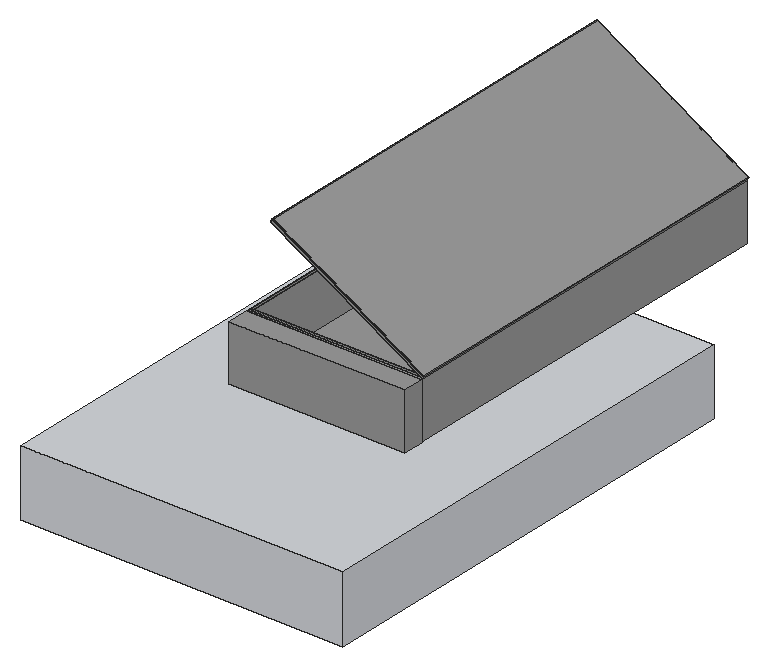
Revit family "Hager-Univers-IP55-D275-H1950-Cl.I-Steel_encl-PT-pt", category Equipement électrique, Revit 2020
Family settings
  Hôte = Face
  Configuration du panneau = Deux colonnes, circuits au sein
  Cote de connecteur circulaire = Utiliser le diamètre
  Type d'élément = Tableau de raccordement
  Couper avec des vides une fois chargée = Non
  Partagée = Non
  Point de calcul de pièce = Non
Parameters (values of type "Instalação de piso IP55 L800 A1950 P275  - FR23E1")
  Width Control [instance] = if([EF000008 - Largura] > Min Width, [EF000008 - Largura], Min Width)  # 800 mm
  Commentaires du type = [HG000003 - Gama]  # "Univers"
  Thickness Door [instance] = if([EF009171 - Espessura do material da porta/tampa] > 3 mm, 3 mm, [EF009171 - Espessura do material da porta/tampa])  # 1.5 mm
  Seal Frame Offset [instance] = 17 mm  # constant formula
  Plinth Visibility [instance] = [HG000027 - Altura da Plinta] > 0 mm  # yes
  Model = ""
  Min Width [instance] = 100 mm  # constant formula
  Min Height [instance] = 100 mm  # constant formula
  Min Depth [instance] = (2 * [EF009170 - Espessura do material do invólucro]) + 1 mm  # 4 mm
  Internal Frame Depth [instance] = (Door System Depth * 0.5)  # 9 mm
  Height Control [instance] = if([EF000040 - Altura] > Min Height, [EF000040 - Altura], Min Height)  # 1950 mm
  HG000027 - Altura da Plinta = 100 mm
  HG000026 - Instalação no chão = yes
  HG000024 - Altura da secção inferior = 800 mm
  HG000023 - Recinto de secção dupla = no
  HG000016 - Visibilidade da porta 3D [instance] = yes
  HG000015 - Visibilidade através da porta [instance] = no
  HG000014 - Porta à direita [instance] = yes
  HG000013 - Porta à esquerda [instance] = not([HG000014 - Porta à direita])  # no
  HG000012 - Ângulo de abertura de porta [instance] = 30.00°
  HG000010 - Portas assimétricas = no
  HG000009 - Porta dupla = no
  HG000006 - Encastrado = no
  HG000004 - Referência do Fabricante = "FR23E1"
  HG000003 - Gama = "Univers"
  HG000002 - Com porta ou tampa = yes
  Frame Offset Bottom [instance] = 10 mm  # constant formula
  Frame Offset [instance] = 15 mm  # constant formula
  EF015940 - Tampa com libertação de sobrepressão = no
  EF011959 - Grau de proteção (NEMA) = ""
  EF009554 - Número de aberturas para placas de flange = 6
  Fabricant = "Hager"  # constant formula
  EF009212 - Tipo de tampa = "EV000116 - Fechado"
  EF009171 - Espessura do material da porta/tampa = 1.5 mm
  EF009170 - Espessura do material do invólucro = 1.5 mm
  EF008873 - Corrente nominal (In) = 800 A
  EF007800 - Adequado para proteção contra raios = no
  EF006306 - Com fecho = no
  EF006244 - Tampa/porta transparente = no
  EF005474 - Grau de proteção (IP) = "EV006420 - IP55"
  EF004464 - Tipo de porta = "EV002646 - Único"
  EF004427 - Número de módulos = 432
  EF004293 - Força de impacto = "EV008784 - IK10"
  EF003532 - Adequado para uso no exterior = no
  EF002950 - Largura em número de módulos = 24
  EF001613 - Integridade do circuito = "EV000494 - Nenhum"
  EF001596 - Material do corpo = "EV000179 - Aço"
  EF001131 - Profundidade interior = 275 mm
  EF001088 - Extensão possível = yes
  EF000437 - Número de entradas de condutores = 6
  EF000339 - Tipo de difusor = "EV004216 - Porta"
  EF000266 - Número de linhas = 12
  EF000218 - Profundidade incorporada = 0 mm
  EF000118 - Com tampa de montagem = no
  EF000116 - Número RAL = "7035"
  EF000049 - Profundidade = 275 mm
  EF000040 - Altura = 1950 mm
  EF000008 - Largura = 800 mm
  EF000007 - Cor = "EV000270 - Cinzento"
  EF000003 - Método de montagem = "EV012274 - Instalação de piso"
  Door System Leaf Tolerance [instance] = 1.5 mm  # constant formula
  Door System Depth [instance] = 18 mm  # constant formula
  Door Height [instance] = Height Control - [HG000027 - Altura da Plinta]  # 1850 mm
  Depth Control [instance] = if([EF000049 - Profundidade] > Min Depth, [EF000049 - Profundidade], Min Depth)  # 275 mm
  Default Elevation = 0 mm
  Connector Offset [instance] = Height Control / 2  # 975 mm
  Bottom Top Plate Trim [instance] = 1.5 mm  # constant formula
  Plinth height Ctrl [instance] = if([HG000027 - Altura da Plinta] > 0 mm, [HG000027 - Altura da Plinta], 12 mm)  # 100 mm
Types (4, lengths in mm): name | Width Control | HG000010 - Portas assimétricas | HG000009 - Porta dupla | HG000004 - Referência do Fabricante | EF009554 - Número de aberturas para placas de flange | EF004464 - Tipo de porta | EF004427 - Número de módulos | EF000437 - Número de entradas de condutores | EF000008 - Largura
  Instalação de piso IP55 L1050 A1950 P275  - FR24E1 | 1050 | yes | yes | "FR24E1" | 8 | "EV003602 - Duplo" | 576 | 8 | 1050
  Instalação de piso IP55 L1300 A1950 P275  - FR25E1 | 1300 | yes | yes | "FR25E1" | 10 | "EV003602 - Duplo" | 720 | 10 | 1300
  Instalação de piso IP55 L1550 A1950 P275  - FR26E1 | 1550 | yes | yes | "FR26E1" | 12 | "EV003602 - Duplo" | 864 | 12 | 1550
  Instalação de piso IP55 L800 A1950 P275  - FR23E1 | 800 | no | no | "FR23E1" | 6 | "EV002646 - Único" | 432 | 6 | 800
Reference planes
  plane 1 "Center (Front/Back)": y = 0
  plane 2: z = 0
  plane 3 "Center (Left/Right)": x = 0
  plane 4: z = 275
  plane 5: y = 101.5
  plane 6: y = 1025
  plane 7: y = 100
  plane 8: y = 1950
  plane 9: z = 0
  plane 10: x = -385
  plane 11: x = 385
  plane 12: x = 383.5
  plane 13: x = -383.5
  plane 14: y = 1948.5
  plane 15: x = -383
  plane 16: x = -400
  plane 17: x = 383
  plane 18: x = 400
  plane 19: x = 398.5
  plane 20: x = -398.5
  plane 21: y = 111.5
  plane 22: y = 1950
  plane 23: y = 1933.5
  plane 24: z = 257
  plane 25: z = 1.5
  plane 26: z = 255.5
  plane 27: z = 273.5
Forms (mm)
  Extrusion 1, solid
    sketch origin (0, 0, 0) x (1, 0, 0) y (0, 1, 0)
      loop
        line (-702.964, 1305) -> (-702.964, -811.445) -> (766.763, -811.445) -> (766.763, 1305) -> (-702.964, 1305)
    from 0 to -304.8
  Extrusion 2, solid, material "Hager_Steel_RAL7035_Light_Grey", visible <- "Plinth Visibility", detail levels medium+fine
    sketch origin (0, 0, 0) x (1, 0, 0) y (0, 1, 0)
      loop
        line (-400, 0) -> (400, 0) -> (400, 100) -> (-400, 100) -> (-400, 0)
    from 0 to 257
  Extrusion 3, solid, material "Hager_Steel_RAL7035_Light_Grey", detail levels medium+fine
    sketch origin (0, 0, 0) x (1, 0, 0) y (0, 1, 0)
      loop
        line (-400, 100) -> (400, 100) -> (400, 1950) -> (-400, 1950) -> (-400, 100)
    from 0 to 257
  Extrusion 4, void
    sketch origin (0, 0, 0) x (1, 0, 0) y (0, 1, 0)
      loop
        line (-398.5, 101.5) -> (398.5, 101.5) -> (398.5, 1948.5) -> (-398.5, 1948.5) -> (-398.5, 101.5)
    from 1.5 to 255.5
  Extrusion 5, void
    sketch origin (-381.607, -4572, 257) x (0, -1, 0) y (-1, 0, 0)
      loop
        line (-4683.5, 1.893) -> (-6505.5, 1.893) -> (-6505.5, -765.107) -> (-4683.5, -765.107) -> (-4683.5, 1.893)
    from 0 to 1.5 <- "EF009170 - Espessura do material do invólucro"
  Extrusion 6, solid, material "Hager_Steel_RAL7035_Light_Grey", detail levels fine
    sketch origin (0, 0, 257) x (1, 0, 0) y (0, 1, 0)
      loop
        line (-383.5, 1933.5) -> (-383.5, 111.5) -> (383.5, 111.5) -> (383.5, 1933.5) -> (-383.5, 1933.5)
      loop
        line (-385, 110) -> (385, 110) -> (385, 1935) -> (-385, 1935) -> (-385, 110)
    from 0 to 9 <- "Internal Frame Depth"
  Extrusion 7, solid, material "Hager_Steel_RAL7035_Light_Grey", detail levels coarse
    sketch origin (0, 0, 0) x (1, 0, 0) y (0, 1, 0)
      loop
        line (-400, 0) -> (400, 0) -> (400, 1950) -> (-400, 1950) -> (-400, 0)
    from 0 to 275
  Sweep 8, void
    path in 3D
      loop
        line (-400, 100, 0) -> (400, 100, 0) -> (400, 100, 257) -> (-400, 100, 257) -> (-400, 100, 0)
    profile origin (-400, 100, 128.5) x (-1, 0, 0) y (0, -1, 0)
      loop
        line (0, 0) -> (0, 1.5) -> (-1.5, 1.5)
        arc (-1.5, 1.5) -> (-1.061, 0.439) -> (0, 0) r 1.5
Cuts and joins
  Extrusion 4, Extrusion 5 cuts Extrusion 3
  Sweep 8 cuts Extrusion 2
Lines and regions (mm)
  Masking region 1
    outline origin (0, 0, 0) x (1, 0, 0) y (0, 0, 1)
      loop
        line (-400, 275) -> (-400, 0) -> (400, 0) -> (400, 275) -> (-400, 275)
  Masking region 2, detail levels medium+fine
    outline origin (0, 140, 0) x (0, 1, 0) y (0, 0, 1)
      loop
        line (-40, 0) -> (1810, 0) -> (1810, 257) -> (-40, 257) -> (-40, 0)
  Masking region 3, not visible, detail levels medium+fine
    outline origin (0, 297.922, 0) x (0, 1, 0) y (0, 0, 1)
      loop
        line (738.578, 0) -> (778.578, 0) -> (778.578, 263.5)
        arc (778.578, 263.5) -> (775.649, 270.571) -> (768.578, 273.5) r 10
        line (768.578, 273.5) -> (738.578, 273.5) -> (738.578, 0)
  Masking region 4, detail levels coarse
    outline origin (0, 0, 180) x (0, 1, 0) y (0, 0, 1)
      loop
        line (0, -180) -> (1950, -180) -> (1950, 95) -> (0, 95) -> (0, -180)
  Masking region 5, visible <- "Plinth Visibility", detail levels medium+fine
    outline origin (0, 52.24, 12.345) x (0, 0, -1) y (0, 1, 0)
      loop
        line (10.845, 47.76) -> (-243.155, 47.76)
        arc (-243.155, 47.76) -> (-243.594, 46.699) -> (-244.655, 46.26) r 1.5
        line (-244.655, 46.26) -> (-244.655, -52.24) -> (12.345, -52.24) -> (12.345, 46.26)
        arc (12.345, 46.26) -> (11.285, 46.699) -> (10.845, 47.76) r 1.5
  Masking region 6, detail levels medium+fine
    outline origin (-381.607, -4572, 257) x (-1, 0, 0) y (0, -1, 0)
      loop
        line (18.393, -6522) -> (18.393, -4672) -> (-781.607, -4672) -> (-781.607, -6522) -> (18.393, -6522)
  Masking region 7, visible <- "Plinth Visibility", detail levels medium+fine
    outline origin (-381.607, -4727, 257) x (-1, 0, 0) y (0, -1, 0)
      loop
        arc (16.893, -4827) -> (17.332, -4825.939) -> (18.393, -4825.5) r 1.5
        line (18.393, -4825.5) -> (18.393, -4727) -> (-781.607, -4727) -> (-781.607, -4825.5)
        arc (-781.607, -4825.5) -> (-780.546, -4825.939) -> (-780.107, -4827) r 1.5
        line (-780.107, -4827) -> (16.893, -4827)
  Masking region 8, detail levels coarse
    outline origin (-442.548, -4669.526, 257) x (-1, 0, 0) y (0, -1, 0)
      loop
        line (-42.548, -6619.526) -> (-42.548, -4669.526) -> (-842.548, -4669.526) -> (-842.548, -6619.526) -> (-42.548, -6619.526)
  sketch lines
    curve 1: line (-400, 100, 257) -> (-400, 100, 0)
    curve 2: line (400, 100, 257) -> (-400, 100, 257)
    curve 3: line (400, 100, 257) -> (400, 100, 0)
    curve 4: line (-400, 100, 0) -> (400, 100, 0)
Dimensions and locks
  "Depth Control": plane 4 to Extrusion 1
  "HG000027 - Altura da Plinta": plane 1 "Center (Front/Back)" to plane 7
  "EF009170 - Espessura do material do invólucro": plane 5 to plane 7
  locked: connector elem to plane 3 "Center (Left/Right)"
  equal spacing: plane 8, plane 6, plane 7
  locked: connector elem to plane 6
  "EF009170 - Espessura do material do invólucro": plane 8 to plane 14
  "EF009170 - Espessura do material do invólucro": plane 10 to plane 13
  "EF009170 - Espessura do material do invólucro": plane 12 to plane 11
  "Frame Offset": plane 20 to plane 13
  "Frame Offset": plane 12 to plane 19
  "EF009170 - Espessura do material do invólucro": plane 16 to plane 20
  "EF009170 - Espessura do material do invólucro": plane 19 to plane 18
  "Seal Frame Offset": plane 16 to plane 15
  "Seal Frame Offset": plane 17 to plane 18
  "Frame Offset Bottom": plane 21 to plane 5
  "Frame Offset": plane 14 to plane 23
  equal spacing: plane 16, plane 3 "Center (Left/Right)", plane 18
  "Width Control": plane 16 to plane 18
  "EF009170 - Espessura do material do invólucro": plane 4 to plane 27
  "EF009170 - Espessura do material do invólucro": plane 24 to plane 26
  "EF009170 - Espessura do material do invólucro": plane 25 to level
  "Door System Depth": plane 4 to plane 24
  "Height Control": plane 1 "Center (Front/Back)" to Extrusion 7 sketch curve
  "Height Control": Masking region 4 sketch curve to plane 1 "Center (Front/Back)"
  "Height Control": plane 1 "Center (Front/Back)" to plane 22
  "Bottom Top Plate Trim": profile plane to Sweep 8 sketch curve
  "Bottom Top Plate Trim": Sweep 8 sketch curve to profile plane
  "Plinth height Ctrl": plane 1 "Center (Front/Back)" to Extrusion 2 sketch curve
  "Plinth height Ctrl": Masking region 5 sketch curve to plane 1 "Center (Front/Back)"
  "Plinth height Ctrl": plane 1 "Center (Front/Back)" to Masking region 7 sketch curve
  "Thickness Door": Extrusion 6 sketch curve to Extrusion 6 sketch curve  (x3)
  "Thickness Door": cut or joined group of Extrusion 3, Extrusion 4, Extrusion 5 to Extrusion 6 sketch curve
  radius of Masking region 3 sketch curve = 10 mm
  "Bottom Top Plate Trim": radius of Masking region 5 sketch curve  (x2)
  "Bottom Top Plate Trim": radius of Sweep 8 sketch curve
  "Bottom Top Plate Trim": radius of Masking region 7 sketch curve  (x2)
  aligned and locked: plane 2 to Extrusion 1
  aligned and locked: level to Extrusion 1
  aligned and locked: level to Masking region 1 sketch curve
  aligned and locked: Masking region 1 sketch curve to plane 18
  aligned and locked: Masking region 1 sketch curve to plane 16
  aligned and locked: plane 7 to Masking region 2 sketch curve
  aligned and locked: level to Masking region 3 sketch curve
  aligned and locked: Masking region 3 sketch curve to plane 27
  aligned and locked: level to Masking region 2 sketch curve
  aligned and locked: plane 1 "Center (Front/Back)" to Extrusion 2 sketch curve
  aligned and locked: Extrusion 3 sketch curve to plane 7
  aligned and locked: plane 16 to Extrusion 3 sketch curve
  aligned and locked: plane 18 to Extrusion 3 sketch curve
  aligned and locked: plane 20 to Extrusion 4 sketch curve
  aligned and locked: plane 19 to Extrusion 4 sketch curve
  aligned and locked: Extrusion 4 sketch curve to plane 5
  aligned and locked: Extrusion 4 to plane 25
  aligned and locked: plane 26 to Extrusion 4
  aligned and locked: plane 24 to Extrusion 3
  aligned and locked: Extrusion 5 sketch curve to plane 21
  aligned and locked: Extrusion 5 sketch curve to plane 13
  aligned and locked: Extrusion 5 sketch curve to plane 12
  aligned and locked: plane 18 to Extrusion 7 sketch curve
  aligned and locked: plane 1 "Center (Front/Back)" to Extrusion 7 sketch curve
  aligned and locked: plane 16 to Extrusion 7 sketch curve
  aligned and locked: plane 4 to Extrusion 7
  aligned and locked: Extrusion 7 to level
  aligned and locked: level to Masking region 4 sketch curve
  aligned and locked: Masking region 4 sketch curve to plane 1 "Center (Front/Back)"
  aligned and locked: Masking region 4 sketch curve to plane 4
  aligned and locked: nested 1 to level
  aligned and locked: nested 1 to plane 16
  aligned and locked: plane 8 to Extrusion 3 sketch curve
  aligned and locked: plane 23 to Extrusion 5 sketch curve
  aligned and locked: plane 14 to Extrusion 4 sketch curve
  aligned and locked: Masking region 2 sketch curve to plane 8
  aligned and locked: level to Masking region 5 sketch curve
  aligned and locked: plane 16 to Extrusion 2 sketch curve
  aligned and locked: plane 18 to Extrusion 2 sketch curve
  aligned and locked: Masking region 5 sketch curve to plane 24
  aligned and locked: Masking region 2 sketch curve to plane 24
  aligned and locked: plane 24 to Extrusion 2
  aligned and locked: profile plane to Sweep 8 sketch curve  (x2)
  aligned and locked: Masking region 6 sketch curve to plane 18
  aligned and locked: Masking region 6 sketch curve to plane 22
  aligned and locked: Masking region 6 sketch curve to plane 16
  aligned and locked: plane 8 to plane 22
  aligned and locked: Masking region 6 sketch curve to plane 7
  aligned and locked: Masking region 7 sketch curve to plane 16
  aligned and locked: Masking region 7 sketch curve to plane 1 "Center (Front/Back)"
  aligned and locked: Masking region 7 sketch curve to plane 18
  aligned and locked: Masking region 8 sketch curve to plane 1 "Center (Front/Back)"
  aligned and locked: Masking region 8 sketch curve to plane 18
  aligned and locked: Masking region 8 sketch curve to plane 22
  aligned and locked: Masking region 8 sketch curve to plane 16
  aligned and locked: nested 2 to plane 7
  aligned and locked: plane 3 "Center (Left/Right)" to nested 2
  aligned and locked: nested 2 to plane 24
  aligned and locked: Extrusion 6 sketch curve to cut or joined group of Extrusion 3, Extrusion 4, Extrusion 5  (x4)
Automatic sketch dimensions
  Extrusion 1 sketch curve to Extrusion 1 sketch curve = 1469.727 mm
  Extrusion 1 sketch curve to Extrusion 1 sketch curve = 2116.445 mm
  Masking region 1 sketch curve to plane 4 = 0 mm
  plane 6 to Masking region 3 sketch curve = 11.5 mm
  Masking region 3 sketch curve to Masking region 3 sketch curve = 30 mm
  Masking region 5 sketch curve to plane 1 "Center (Front/Back)" = 0 mm
Nested families
  nested 1: "Hager_Enclosure_Symbol" at (-400, 0, 0) x (1, 0, 0) z (0, -1, 0), Height <- "Depth Control", Width <- "Width Control", type "Hager_Enclosure_Symbol"
    with Width_Ctrl 800 mm, Width 800 mm, Height_Ctrl 275 mm, Height 275 mm, A_Width_Int 18.047 mm, A_Width 216.562 mm, A_Height_Ctrl 240.625 mm, A_Height 240.625 mm
  nested 2: "EC000058_Univers_Door" at (0, 100, 257) x (1, 0, 0) z (0, 1, 0), Leaf_Tolerance <- "Door System Leaf Tolerance", Angle <- "HG000012 - Ângulo de abertura de porta", Door_Depth <- "Door System Depth", Door_Left <- "HG000013 - Porta à esquerda", Transparent <- "EF006244 - Tampa/porta transparente", Assymetrical <- "HG000010 - Portas assimétricas", Width <- "Width Control", Clearance <- "HG000015 - Visibilidade através da porta", Double <- "HG000009 - Porta dupla", 3d_Door <- "HG000016 - Visibilidade da porta 3D", Lock_Visibility <- "EF006306 - Com fecho", Width_Ctrl <- "Width Control", Door_Right <- "HG000014 - Porta à direita", Door <- "HG000002 - Com porta ou tampa", Height <- "Door Height", Thickness <- "Thickness Door", type "EC000058_Univers_Door", detail levels medium+fine
    with min_wh 4 mm, Width_Ctrl 800 mm, Width 800 mm, Transparent no, Thickness 1.5 mm, Seal_Material Hager_Rubber, Lock_Visibility no, Lock_Material Hager_Plastic_RAL9005_Jet_Black, Leaf_Width 800 mm, Leaf_Tolerance_External_Sides 0 mm, Leaf_Tolerance 1.5 mm, Leaf_Offset 0 mm, Leaf_Height 1847 mm, Leaf_2_Width 800 mm, Leaf_2_Offset 400 mm, Leaf_1_Width 800 mm, Leaf_1_Offset 400 mm, Height_Ctrl 1850 mm, Height 1850 mm, Glass_Material Hager_Glass, Double_Clearance_Ctrl no, Double no, Door_Right_Ctrl yes, Door_Right yes, Door_Material Hager_Steel_RAL7035_Light_Grey, Door_Left_Ctrl no, Door_Left no, Door_Depth 18 mm, Door yes, Clearance_Material Hager_Clearance, Clearance_Depth 800 mm, Clearance_Ctrl no, Clearance no, Assymetrical no, Angle 30.00°, 3d_Door yes
Connectors
  electrical at (0, 1025, 0)
    settings: on plane 9, index 1, voltage 0 V, apparent load 0 VA, apparent load phase1 0 VA, apparent load phase2 0 VA, apparent load phase3 0 VA, power factor 1, load classification "Other", number of poles 1, system type 30, power factor state 1, is connector primary yes, connector utility no, sub classification motor no, connector description ""
Definition of nested family "EC000058_Univers_Door"
  Parameters (values of type "EC000058_Univers_Door")
    min_wh [instance] = (2 * Thickness) + 1 mm  # 11 mm
    Width_Ctrl [instance] = 400 mm
    Width [instance] = 500 mm
    Transparent [instance] = yes
    Thickness [instance] = 5 mm
    Seal_Material [instance] = none
    Lock_Visibility [instance] = yes
    Lock_Material [instance] = none
    Leaf_Width [instance] = if((Width_Ctrl - 2 * Leaf_Tolerance_External_Sides) > 0 mm, (Width_Ctrl - 2 * Leaf_Tolerance_External_Sides), min_wh)  # 400 mm
    Leaf_Tolerance_External_Sides [instance] = 0 mm  # constant formula
    Leaf_Tolerance [instance] = 1.5 mm
    Leaf_Offset [instance] = 0 mm  # constant formula
    Leaf_Height [instance] = if((Height_Ctrl - 2 * Leaf_Tolerance) > 0 mm, (Height_Ctrl - 2 * Leaf_Tolerance), min_wh)  # 497 mm
    Leaf_2_Width [instance] = if(and(and(Double, Assymetrical), Door_Left), (Leaf_Width / 3) - (Leaf_Tolerance / 2), if(and(and(Double, Assymetrical), Door_Right), (Leaf_Width / 3) * 2 - (Leaf_Tolerance / 2), if(and(Double, not(Assymetrical)), (Leaf_Width / 2) - Leaf_Tolerance, Leaf_Width)))  # 400 mm
    Leaf_2_Offset [instance] = if(and(Double, Assymetrical), Leaf_2_Width / 2, if(and(Double, not(Assymetrical)), Leaf_Width / 4, Leaf_Width / 2))  # 200 mm
    Leaf_1_Width [instance] = if(and(and(Double, Assymetrical), Door_Right), (Leaf_Width / 3) - (Leaf_Tolerance / 2), if(and(and(Double, Assymetrical), Door_Left), (Width / 3) * 2 - (Leaf_Tolerance / 2), if(and(Double, not(Assymetrical)), (Leaf_Width / 2) - Leaf_Tolerance, Leaf_Width)))  # 400 mm
    Leaf_1_Offset [instance] = if(and(Double, Assymetrical), Leaf_1_Width / 2, if(and(Double, not(Assymetrical)), Leaf_Width / 4, Leaf_Width / 2))  # 200 mm
    Height_Ctrl [instance] = if(Height > min_wh, Height, min_wh)  # 500 mm
    Height [instance] = 500 mm
    Glass_Material [instance] = none
    Double_Clearance_Ctrl [instance] = and(Double, Clearance)  # no
    Double [instance] = no
    Door_Right_Ctrl [instance] = and(or(Door_Right, Double), Door)  # yes
    Door_Right [instance] = yes
    Door_Material [instance] = none
    Door_Left_Ctrl [instance] = and(or(Door_Left, Double), Door)  # no
    Door_Left [instance] = no
    Door_Depth [instance] = 30 mm
    Door [instance] = yes
    Default Elevation = 1219.2 mm
    Clearance_Material [instance] = none
    Clearance_Depth [instance] = if(Leaf_1_Width > Leaf_2_Width, Leaf_1_Width, Leaf_2_Width)  # 400 mm
    Clearance_Ctrl [instance] = and(not(Double), Clearance)  # yes
    Clearance [instance] = yes
    Assymetrical [instance] = yes
    Angle [instance] = 30.00°
    3d_Door [instance] = yes
  Reference planes
    plane 1 "Center (Front/Back)": y = 0
    plane 2 "Bottom": z = 0
    plane 3 "Center (Left/Right)": x = 0
    plane 4: z = 500
    plane 5: x = -200
    plane 6: x = 200
    plane 7: z = 500
    plane 8: x = -200
    plane 9: z = 0
    plane 10: x = 200
    plane 11: y = 0
    plane 12: z = 1.5
    plane 13: x = -600
    plane 14: y = -400
    plane 15: x = 600
    plane 16: x = 0
    plane 17: x = 0
    plane 18: x = -200
    plane 19: x = 200
    plane 20: z = 498.5
  Forms (mm)
    Extrusion 1, solid, material <- "Clearance_Material", visible <- "Double_Clearance_Ctrl"
      sketch origin (1200, 0, 0) x (1, 0, 0) y (0, 0, -1)
        loop
          line (-1800, -498.5) -> (-600, -498.5) -> (-600, 0) -> (-1800, 0) -> (-1800, -498.5)
      from 0 to -400
  Dimensions and locks
    equal spacing: plane 5, plane 3 "Center (Left/Right)", plane 6
    "Width_Ctrl": plane 5 to plane 6
    "Leaf_Offset": plane 5 to plane 8
    "Leaf_Offset": plane 6 to plane 10
    "Leaf_Offset": plane 9 to level
    "Leaf_Offset": plane 4 to plane 7
    "Height_Ctrl": plane 4 to level
    "Leaf_Tolerance": plane 12 to plane 9
    locked: plane 11 to plane 1 "Center (Front/Back)"
    "Leaf_1_Offset": plane 18 to plane 16
    "Leaf_2_Offset": plane 17 to plane 19
    "Leaf_1_Width": plane 13 to plane 8
    "Leaf_2_Width": plane 10 to plane 15
    "Clearance_Depth": plane 14 to plane 1 "Center (Front/Back)"
    "Leaf_Tolerance_External_Sides": plane 8 to plane 18
    "Leaf_Tolerance_External_Sides": plane 19 to plane 10
    "Leaf_Tolerance": plane 7 to plane 20
    aligned and locked: level to plane 2 "Bottom"
    aligned and locked: nested 1 to plane 16
    aligned and locked: nested 2 to plane 17
    aligned and locked: Extrusion 1 to plane 13
    aligned and locked: plane 15 to Extrusion 1
    aligned and locked: Extrusion 1 to plane 14
    aligned and locked: plane 12 to nested 1
    aligned and locked: nested 2 to plane 12
    aligned and locked: Extrusion 1 to plane 11
    aligned and locked: plane 20 to Extrusion 1
    aligned and locked: nested 2 to plane 11
    aligned and locked: nested 1 to plane 11
  Automatic sketch dimensions
    Extrusion 1 sketch curve to level = 0 mm
    plane 5 to Extrusion 1 sketch curve = 400 mm
    plane 6 to Extrusion 1 sketch curve = 400 mm
    Extrusion 1 sketch curve to plane 4 = 1.5 mm
  Nested families
    nested 1: "EC000058_Univers_Door_Leaf" at (0, 0, 1.5), Width <- "Leaf_1_Width", visible <- "Door_Left_Ctrl", Leaf_Height <- "Leaf_Height", Angle <- "Angle", 3d_Door <- "3d_Door", Transparent <- "Transparent", Clearance Material <- "Clearance_Material", Clearance <- "Clearance_Ctrl", Door_Material <- "Door_Material", Glass_Material <- "Glass_Material", Door_Depth <- "Door_Depth", Lock_Material <- "Lock_Material", Seal_Material <- "Seal_Material", Lock_Visibility <- "Lock_Visibility", Thickness <- "Thickness", type "EC000058_Univers_Door_Leaf"
      with Width 400 mm, Transparent_Glass_Offset 30 mm, Transparent_Ctrl yes, Transparent yes, Thickness 5 mm, Standard no, Seal_Material none, Seal_D2 8 mm, Seal_D1 1 mm, Offset_Internal_Frame 10 mm, Lock_Width 20 mm, Lock_Visibility_3d yes, Lock_Visibility yes, Lock_Thickness_3 3 mm, Lock_Thickness_2 1 mm, Lock_Thickness_1 3 mm, Lock_Radius_Offset_2 16 mm, Lock_Radius_Offset_1 15 mm, Lock_Radius_2 5 mm, Lock_Radius 6 mm, Lock_Offset 5 mm, Lock_Material none, Lock_Height 80 mm, Lock_Cover_Top_Offset_2d 17 mm, Lock_Cover_Height -65 mm, Leaf_Height 497 mm, Internal_Seal_Thickness 8 mm, Internal_Seal_Depth_2 4.5 mm, Internal_Frame_Depth 25 mm, Glass_Thickness -1 mm, Glass_Offset -2 mm, Glass_Material none, Door_Material none, Door_Depth 30 mm, Clearance Material none, Clearance yes, Angle_Ctrl 30.00°, Angle 30.00°, 3d_Door yes
    nested 2: "EC000058_Univers_Door_Leaf" at (0, 0, 1.5) x (-1, 0, 0) z (0, 0, 1), Width <- "Leaf_2_Width", visible <- "Door_Right_Ctrl", Leaf_Height <- "Leaf_Height", Angle <- "Angle", 3d_Door <- "3d_Door", Transparent <- "Transparent", Clearance Material <- "Clearance_Material", Clearance <- "Clearance_Ctrl", Door_Material <- "Door_Material", Glass_Material <- "Glass_Material", Door_Depth <- "Door_Depth", Lock_Material <- "Lock_Material", Seal_Material <- "Seal_Material", Lock_Visibility <- "Lock_Visibility", Thickness <- "Thickness", type "EC000058_Univers_Door_Leaf"
      with Width 400 mm, Transparent_Glass_Offset 30 mm, Transparent_Ctrl yes, Transparent yes, Thickness 5 mm, Standard no, Seal_Material none, Seal_D2 8 mm, Seal_D1 1 mm, Offset_Internal_Frame 10 mm, Lock_Width 20 mm, Lock_Visibility_3d yes, Lock_Visibility yes, Lock_Thickness_3 3 mm, Lock_Thickness_2 1 mm, Lock_Thickness_1 3 mm, Lock_Radius_Offset_2 16 mm, Lock_Radius_Offset_1 15 mm, Lock_Radius_2 5 mm, Lock_Radius 6 mm, Lock_Offset 5 mm, Lock_Material none, Lock_Height 80 mm, Lock_Cover_Top_Offset_2d 17 mm, Lock_Cover_Height -65 mm, Leaf_Height 497 mm, Internal_Seal_Thickness 8 mm, Internal_Seal_Depth_2 4.5 mm, Internal_Frame_Depth 25 mm, Glass_Thickness -1 mm, Glass_Offset -2 mm, Glass_Material none, Door_Material none, Door_Depth 30 mm, Clearance Material none, Clearance yes, Angle_Ctrl 30.00°, Angle 30.00°, 3d_Door yes
  Definition of nested family "EC000058_Univers_Door_Leaf"
    Parameters (values of type "EC000058_Univers_Door_Leaf")
      Width [instance] = 2000 mm
      Transparent_Glass_Offset [instance] = 30 mm
      Transparent_Ctrl [instance] = and(Transparent, [3d_Door])  # yes
      Transparent [instance] = yes
      Thickness [instance] = 5 mm
      Standard [instance] = and(not(Transparent), [3d_Door])  # no
      Seal_Material [instance] = none
      Seal_D2 [instance] = 8 mm  # constant formula
      Seal_D1 [instance] = 1 mm  # constant formula
      Offset_Internal_Frame [instance] = 10 mm  # constant formula
      Lock_Width [instance] = 20 mm  # constant formula
      Lock_Visibility_3d [instance] = and(Lock_Visibility, [3d_Door])  # yes
      Lock_Visibility [instance] = yes
      Lock_Thickness_3 [instance] = 3 mm  # constant formula
      Lock_Thickness_2 [instance] = 1 mm  # constant formula
      Lock_Thickness_1 [instance] = 3 mm  # constant formula
      Lock_Radius_Offset_2 [instance] = Lock_Radius_Offset_1 + 1 mm  # 16 mm
      Lock_Radius_Offset_1 [instance] = 15 mm  # constant formula
      Lock_Radius_2 [instance] = Lock_Radius - 1 mm  # 5 mm
      Lock_Radius [instance] = 6 mm  # constant formula
      Lock_Offset [instance] = 5 mm  # constant formula
      Lock_Material [instance] = none
      Lock_Height [instance] = 80 mm  # constant formula
      Lock_Cover_Top_Offset_2d [instance] = Lock_Radius_Offset_2 + 1 mm  # 17 mm
      Lock_Cover_Height [instance] = -(Lock_Height - Lock_Radius_Offset_1)  # -65 mm
      Leaf_Height [instance] = 2720.336 mm
      Internal_Seal_Thickness [instance] = 8 mm  # constant formula
      Internal_Seal_Depth_2 [instance] = 4.5 mm  # constant formula
      Internal_Frame_Depth [instance] = if(Door_Depth - Thickness > 5 mm, Door_Depth - Thickness, 5 mm)  # 25 mm
      Glass_Thickness [instance] = if(Thickness > 15 mm, Glass_Offset + 10 mm, -1 mm)  # -1 mm
      Glass_Offset [instance] = if(Thickness > 15 mm, -(Thickness + 10 mm) / 2, -2 mm)  # -2 mm
      Glass_Material [instance] = none
      Door_Material [instance] = none
      Door_Depth [instance] = 30 mm
      Default Elevation = 0 mm
      Clearance Material [instance] = none
      Clearance [instance] = yes
      Angle_Ctrl [instance] = if(Angle > 180.00°, 180.00°, Angle)  # 90.00°
      Angle [instance] = 90.00°
      3d_Door [instance] = yes
    Reference planes
      plane 1 "Center (Front/Back)": y = 0
      plane 2: z = 0
      plane 3 "Center (Left/Right)": x = 0
      plane 4: y = 2000
      plane 5: x = -1000
      plane 6: x = 1000
      plane 7: x = -3000
      plane 8: z = 2720.336
      plane 9: z = 30
      plane 10: z = 2690.336
      plane 11: x = 970
      plane 12: x = -970
      plane 13: y = -3
      plane 14: z = 107.833
      plane 15: y = -5
      plane 16: y = -223.314
      plane 17: x = -1000
      plane 18: z = 1360.168
      plane 19: y = 30
    Forms (mm)
      Extrusion 1, solid, material <- "Clearance Material", visible <- "Clearance"
        sketch origin (0, 0, 0) x (1, 0, 0) y (0, 0, 1)
          loop
            line (-3000, 2720.336) -> (-3000, 0) -> (1000, 0) -> (1000, 2720.336) -> (-3000, 2720.336)
        from 0 to -2000
      Extrusion 2, solid, material <- "Door_Material", visible <- "Standard", detail levels medium+fine
        sketch origin (-1000, 0, 0) x (0, 1, 0) y (-1, 0, 0)
          loop
            line (0, 30) -> (0, 25) -> (2000, 25) -> (2000, 30) -> (0, 30)
        from 0 to 2720.336 <- "Leaf_Height"
      Extrusion 3, solid, material <- "Door_Material", visible <- "Transparent_Ctrl", detail levels medium+fine
        sketch origin (-1000, 0, 0) x (0, 1, 0) y (-1, 0, 0)
          loop
            line (0, 25) -> (2000, 25) -> (2000, 30) -> (0, 30) -> (0, 25)
        from 0 to 2720.336 <- "Leaf_Height"
      Extrusion 4, void
        sketch origin (-1025, 2000, 0) x (0, 1, 0) y (0, 0, -1)
          loop
            line (-30, -2690.336) -> (-30, -30) -> (-1970, -30) -> (-1970, -2690.336) -> (-30, -2690.336)
        from 0 to 5 <- "Thickness"
      Sweep 5, solid, material <- "Seal_Material", visible <- "Transparent_Ctrl", detail levels fine
        path in 3D
          loop
            line (-1025, 30, 30) -> (-1025, 30, 2690.336) -> (-1025, 1970, 2690.336) -> (-1025, 1970, 30) -> (-1025, 30, 30)
        profile origin (-1025, 1000, 30) x (1, 0, 0) y (0, 0, 1)
          loop
            line (0, 0) -> (0, -8) -> (1, -8) -> (1, 0) -> (0, 0)
      Extrusion 6, solid, material <- "Glass_Material", visible <- "Transparent_Ctrl", detail levels medium+fine
        sketch origin (-1030, 0, 0) x (0, 1, 0) y (0, 0, -1)
          loop
            line (1970, -2690.336) -> (1970, -30) -> (30, -30) -> (30, -2690.336) -> (1970, -2690.336)
        from -2 <- "Glass_Offset" to -1 <- "Glass_Thickness"
      Extrusion 7, solid, material <- "Door_Material", visible <- "3d_Door", detail levels medium+fine
        sketch origin (-1025, 2000, 0) x (0, -1, 0) y (0, 0, -1)
          loop
            line (0, -2720.336) -> (2000, -2720.336) -> (2000, 0) -> (0, 0) -> (0, -2720.336)
          loop
            line (1995, -5) -> (5, -5) -> (5, -2715.336) -> (1995, -2715.336) -> (1995, -5)
        from 0 to 25 <- "Internal_Frame_Depth"
      Sweep 8, solid, material <- "Seal_Material", visible <- "Transparent_Ctrl", detail levels fine
        path in 3D
          loop
            line (-1025, 0, 0) -> (-1025, 2000, 0) -> (-1025, 2000, 2720.336) -> (-1025, 0, 2720.336) -> (-1025, 0, 0)
        profile origin (-1025, 0, 1360.168) x (1, 0, 0) y (0, 1, 0)
          loop
            line (0, 10) -> (2.975, 10)
            arc (2.975, 10) -> (4.053, 10.447) -> (4.5, 11.525) r 1.525
            line (4.5, 11.525) -> (4.5, 16.527)
            arc (4.5, 16.527) -> (4.069, 17.569) -> (3.027, 18) r 1.473
            line (3.027, 18) -> (0, 18) -> (0, 10)
      Extrusion 9, solid, material <- "Lock_Material", visible <- "Lock_Visibility_3d", detail levels fine
        sketch origin (-1030, 0, 0) x (0, 1, 0) y (0, 0, -1)
          loop
            arc (1993.5, -1400.168) -> (1994.561, -1399.729) -> (1995, -1398.668) r 1.5
            line (1995, -1398.668) -> (1995, -1320.168) -> (1975, -1320.168) -> (1975, -1398.668)
            arc (1975, -1398.668) -> (1975.439, -1399.729) -> (1976.5, -1400.168) r 1.5
            line (1976.5, -1400.168) -> (1993.5, -1400.168)
        from 3 <- "Lock_Thickness_1" to 0
      Blend 10, solid, material <- "Lock_Material", visible <- "Lock_Visibility_3d", detail levels fine
        base sketch origin (-1033, 0, 0) x (0, 1, 0) y (0, 0, -1)
          loop
            line (1975, -1320.168) -> (1975, -1398.668)
            arc (1975, -1398.668) -> (1975.439, -1399.729) -> (1976.5, -1400.168) r 1.5
            line (1976.5, -1400.168) -> (1993.5, -1400.168)
            arc (1993.5, -1400.168) -> (1994.561, -1399.729) -> (1995, -1398.668) r 1.5
            line (1995, -1398.668) -> (1995, -1320.168) -> (1975, -1320.168)
        top sketch origin (-1033, 0, 0) x (0, 1, 0) y (0, 0, -1)
          loop
            line (1976, -1320.168) -> (1976, -1398.668)
            arc (1976, -1398.668) -> (1976.146, -1399.022) -> (1976.5, -1399.168) r 0.5
            line (1976.5, -1399.168) -> (1993.5, -1399.168)
            arc (1993.5, -1399.168) -> (1993.854, -1399.022) -> (1994, -1398.668) r 0.5
            line (1994, -1398.668) -> (1994, -1320.168) -> (1976, -1320.168)
        from 0 to 1 <- "Lock_Thickness_2"
      Blend 11, solid, material <- "Lock_Material", visible <- "Lock_Visibility_3d", detail levels fine
        base sketch origin (-1034, 0, 0) x (0, 1, 0) y (0, 0, -1)
          loop
            line (1978, -1320.168) -> (1978, -1384.168)
            arc (1978, -1384.168) -> (1985, -1391.168) -> (1992, -1384.168) r 7
            line (1992, -1384.168) -> (1992, -1320.168) -> (1978, -1320.168)
        top sketch origin (-1034, 0, 0) x (0, 1, 0) y (0, 0, -1)
          loop
            line (1991, -1320.168) -> (1979, -1320.168) -> (1979, -1383.168)
            arc (1979, -1383.168) -> (1985, -1389.168) -> (1991, -1383.168) r 6
            line (1991, -1383.168) -> (1991, -1320.168)
        from 0 to 3 <- "Lock_Thickness_3"
      Extrusion 12, solid, material <- "Lock_Material", visible <- "Lock_Visibility_3d", detail levels fine
        sketch origin (-1030, 1975, 1320.168) x (1, 0, 0) y (0, -1, 0)
          loop
            line (-7, -19) -> (-7, -1) -> (0, -1) -> (0, 0) -> (-8, 0) -> (-8, -20) -> (0, -20) -> (0, -19) -> (-7, -19)
        from 0 to -65 <- "Lock_Cover_Height"
      Extrusion 13, void
        sketch origin (-1038, 1995, 1320.168) x (-1, 0, 0) y (0, 0, -1)
          loop
            line (-5, -65) -> (0, -65) -> (-5, -60) -> (-5, -65)
        from 0 to 20 <- "Lock_Width"
      Extrusion 14, void
        sketch origin (-1038, 1975, 1320.168) x (0, -1, 0) y (0, 0, -1)
          loop
            circle (-10, -15.995) r 6
          loop
            circle (-10, -15.995) r 5
        from 0 to 2
      Extrusion 15, solid, material <- "Lock_Material", visible <- "Lock_Visibility_3d", detail levels medium
        sketch origin (-1030, 0, 0) x (0, 1, 0) y (0, 0, -1)
          loop
            arc (1993.5, -1400.168) -> (1994.561, -1399.729) -> (1995, -1398.668) r 1.5
            line (1995, -1398.668) -> (1995, -1320.168) -> (1975, -1320.168) -> (1975, -1398.668)
            arc (1975, -1398.668) -> (1975.439, -1399.729) -> (1976.5, -1400.168) r 1.5
            line (1976.5, -1400.168) -> (1993.5, -1400.168)
        from 8 to 0
    Cuts and joins
      Extrusion 4 cuts Extrusion 3
      Extrusion 13, Extrusion 14 cuts Extrusion 9
      Extrusion 14 cuts Blend 11
      Extrusion 13, Extrusion 14 cuts Extrusion 12
      joined: Extrusion 9, Blend 10, Blend 11, Extrusion 12
      Extrusion 14 cuts Extrusion 15
    Lines and regions (mm)
      Masking region 1, visible <- "Lock_Visibility", detail levels fine
        outline origin (0, 0, 0) x (0, 1, 0) y (0, 0, 1)
          loop
            line (30, 1320.168) -> (33, 1320.168) -> (33, 1400.168) -> (30, 1400.168) -> (30, 1320.168)
      Masking region 2, visible <- "Lock_Visibility", detail levels fine
        outline origin (0, 3.143, 0) x (0, 1, 0) y (0, 0, 1)
          loop
            line (29.857, 1354.168) -> (30.857, 1354.168) -> (30.857, 1366.168) -> (29.857, 1366.168) -> (29.857, 1354.168)
      Masking region 3, detail levels medium+fine
        outline origin (0, 0, 0) x (0, 1, 0) y (0, 0, 1)
          loop
            line (0, 0) -> (30, 0) -> (30, 2720.336) -> (0, 2720.336) -> (0, 0)
      Masking region 4, detail levels medium+fine
        outline origin (0, 0, 0) x (1, 0, 0) y (0, 0, 1)
          loop
            line (-1000, 2720.336) -> (-1000, 0) -> (1000, 0) -> (1000, 2720.336) -> (-1000, 2720.336)
      Masking region 5, visible <- "Lock_Visibility", detail levels fine
        outline origin (-47.116, 0, 0) x (1, 0, 0) y (0, 0, 1)
          loop
            arc (1024.616, 1399.168) -> (1023.556, 1398.729) -> (1023.116, 1397.668) r 1.5
            line (1023.116, 1397.668) -> (1023.116, 1320.168) -> (1041.116, 1320.168) -> (1041.116, 1397.668)
            arc (1041.116, 1397.668) -> (1040.677, 1398.729) -> (1039.616, 1399.168) r 1.5
            line (1039.616, 1399.168) -> (1024.616, 1399.168)
      Masking region 6, visible <- "Lock_Visibility", detail levels medium+fine
        outline origin (-25, 0, 0) x (1, 0, 0) y (0, 0, 1)
          loop
            arc (1001.5, 1400.168) -> (1000.439, 1399.729) -> (1000, 1398.668) r 1.5
            line (1000, 1398.668) -> (1000, 1320.168) -> (1020, 1320.168) -> (1020, 1398.668)
            arc (1020, 1398.668) -> (1019.561, 1399.729) -> (1018.5, 1400.168) r 1.5
            line (1018.5, 1400.168) -> (1001.5, 1400.168)
      Masking region 7, visible <- "Lock_Visibility", detail levels fine
        outline origin (-73.735, 0, 0) x (1, 0, 0) y (0, 0, 1)
          loop
            line (1051.735, 1382.168) -> (1065.735, 1382.168) -> (1065.735, 1384.168)
            arc (1065.735, 1384.168) -> (1058.735, 1391.168) -> (1051.735, 1384.168) r 7
            line (1051.735, 1384.168) -> (1051.735, 1382.168)
      Masking region 8, visible <- "Lock_Visibility", detail levels fine
        outline origin (-73.735, 0, 0) x (1, 0, 0) y (0, 0, 1)
          loop
            line (1052.735, 1382.168) -> (1064.735, 1382.168) -> (1064.735, 1383.168)
            arc (1064.735, 1383.168) -> (1058.735, 1389.168) -> (1052.735, 1383.168) r 6
            line (1052.735, 1383.168) -> (1052.735, 1382.168)
      Masking region 9, visible <- "Lock_Visibility", detail levels fine
        outline origin (-25, 0, 0) x (1, 0, 0) y (0, 0, 1)
          loop
            line (1020, 1320.168) -> (1020, 1382.168) -> (1000, 1382.168) -> (1000, 1320.168) -> (1020, 1320.168)
      Masking region 10, detail levels medium+fine
        outline origin (0, 0, 0) x (1, 0, 0) y (0, 0, 1)
          loop
            circle (985, 1335.144) r 6
      Masking region 11, detail levels fine
        outline origin (0, 0, 0) x (1, 0, 0) y (0, 0, 1)
          loop
            circle (985, 1335.144) r 5
      Masking region 12, visible <- "Lock_Visibility", detail levels fine
        outline origin (0, 12.767, 0) x (0, 1, 0) y (0, 0, 1)
          loop
            line (20.233, 1320.168) -> (21.233, 1320.168) -> (21.233, 1399.168) -> (20.233, 1400.168) -> (20.233, 1320.168)
      Masking region 13, visible <- "Lock_Visibility", detail levels fine
        outline origin (0, 13.767, -10) x (0, 1, 0) y (0, 0, 1)
          loop
            line (20.233, 1330.168) -> (23.233, 1330.168) -> (23.233, 1399.168) -> (20.233, 1402.168) -> (20.233, 1330.168)
      Masking region 14, visible <- "Lock_Visibility", detail levels fine
        outline origin (0, 12.767, -10) x (0, 1, 0) y (0, 0, 1)
          loop
            line (20.233, 1330.168) -> (25.233, 1330.168) -> (25.233, 1399.305) -> (20.233, 1394.305) -> (20.233, 1330.168)
      Masking region 15, visible <- "Lock_Visibility", detail levels medium
        outline origin (0, 0, 0) x (0, 1, 0) y (0, 0, 1)
          loop
            line (30, 1320.168) -> (38, 1320.168) -> (38, 1400.168) -> (30, 1400.168) -> (30, 1320.168)
      Masking region 16, visible <- "Lock_Visibility", detail levels fine
        outline origin (-1000, 0, 0) x (0, 1, 0) y (-1, 0, 0)
          loop
            line (1975, 30) -> (1995, 30) -> (1995, 38) -> (1975, 38) -> (1975, 30)
          loop
            line (1979, 37) -> (1976, 37) -> (1976, 34) -> (1978, 34) -> (1979, 37)
          loop
            line (1994, 37) -> (1991, 37) -> (1992, 34) -> (1994, 34) -> (1994, 37)
      Masking region 17, visible <- "Lock_Visibility", detail levels medium
        outline origin (-1000, 0, 0) x (0, 1, 0) y (-1, 0, 0)
          loop
            line (1975, 30) -> (1995, 30) -> (1995, 38) -> (1975, 38) -> (1975, 30)
      symbolic lines
        curve 1: line (1000, 0, 0) -> (-3000, 0, 0)
        curve 2: arc (1000, 0, 0) -> (-1000, 2000, 0) -> (-3000, 0, 0) r 2000
        curve 4: line (-1030, 0, 0) -> (-1030, 2000, 0)
      reference lines
        curve 3: line (-1000, 0, 0) -> (-1000, 2000, 0)
      symbolic lines, detail levels medium+fine
        curve 5: line (-1030, 2000, 0) -> (-1025, 2000, 0)
        curve 7: line (-1025, 0, 0) -> (-1030, 0, 0)
        curve 8: line (-1025, 0, 0) -> (-1000, 0, 0)
        curve 9: line (-1000, 0, 0) -> (-1000, 2000, 0)
        curve 10: line (-1000, 2000, 0) -> (-1025, 2000, 0)
      symbolic lines, detail levels fine
        curve 6: line (-1025, 2000, 0) -> (-1025, 0, 0)
      sketch lines
        curve 11: line (-1025, 0, 2720.336) -> (-1025, 0, 0)
        curve 12: line (-1025, 2000, 0) -> (-1025, 0, 0)
        curve 13: line (-1025, 2000, 2720.336) -> (-1025, 2000, 0)
        curve 14: line (-1025, 0, 2720.336) -> (-1025, 2000, 2720.336)
        curve 15: line (-1025, 1970, 30) -> (-1025, 30, 30)
        curve 16: line (-1025, 30, 30) -> (-1025, 30, 2690.336)
        curve 17: line (-1025, 1970, 2690.336) -> (-1025, 1970, 30)
        curve 18: line (-1025, 30, 2690.336) -> (-1025, 1970, 2690.336)
      symbolic lines, visible <- "Transparent", detail levels medium+fine
        curve 19: line (-970, 0, 2690.336) -> (970, 0, 2690.336)
        curve 20: line (-970, 0, 30) -> (-970, 0, 2690.336)
        curve 21: line (970, 0, 30) -> (-970, 0, 30)
        curve 22: line (970, 0, 2690.336) -> (970, 0, 30)
    Dimensions and locks
      "Width": plane 1 "Center (Front/Back)" to plane 4
      equal spacing: plane 5, plane 3 "Center (Left/Right)", plane 6
      "Width": plane 5 to plane 6
      "Width": plane 7 to plane 5
      "Leaf_Height": plane 8 to level
      "Width": curve 5 to curve 3
      "Width": curve 3 to curve 3
      plane 8 to plane 10 = 30 mm
      plane 9 to level = 30 mm
      plane 12 to plane 5 = 30 mm
      plane 6 to plane 11 = 30 mm
      Extrusion 1 to Extrusion 4 sketch curve = 30 mm
      "Transparent_Glass_Offset": curve 3 to Extrusion 4 sketch curve
      "Transparent_Glass_Offset": Extrusion 4 sketch curve to cut or joined group of Extrusion 3, Extrusion 4  (x2)
      cut or joined group of Extrusion 3, Extrusion 4 to Extrusion 6 sketch curve = 30 mm
      "Transparent_Glass_Offset": cut or joined group of Extrusion 3, Extrusion 4 to Extrusion 4 sketch curve
      "Thickness": curve 6 to curve 4
      "Thickness": Extrusion 7 sketch curve to Extrusion 7 sketch curve  (x4)
      "Door_Depth": curve 4 to curve 3
      "Offset_Internal_Frame": profile plane to Sweep 8 sketch curve
      "Internal_Seal_Thickness": Sweep 8 sketch curve to Sweep 8 sketch curve
      "Internal_Seal_Depth_2": profile plane to Sweep 8 sketch curve
      "Seal_D1": profile plane to Sweep 5 sketch curve
      "Seal_D2": profile plane to Sweep 5 sketch curve
      "Thickness": Extrusion 2 sketch curve to Extrusion 2 sketch curve
      equal spacing: Extrusion 9 sketch curve, plane 18, Extrusion 9 sketch curve  (x2)
      equal spacing: Masking region 1 sketch curve, plane 18, Masking region 1 sketch curve
      "Lock_Height": Masking region 1 sketch curve to Masking region 1 sketch curve
      "Lock_Radius": Masking region 2 sketch curve to plane 18 to Masking region 2 sketch curve
      Masking region 2 sketch curve to Masking region 1 = 1 mm
      "Door_Depth": plane 19 to plane 1 "Center (Front/Back)"
      "Lock_Thickness_1": Masking region 1 sketch curve to plane 19
      "Lock_Width": Extrusion 9 sketch curve to Extrusion 9 sketch curve
      "Lock_Height": Extrusion 9 sketch curve to Extrusion 9 sketch curve
      "Lock_Offset": cut or joined group of Extrusion 3, Extrusion 4 to Extrusion 9 sketch curve
      equal spacing: plane 8, plane 18, level
      "Lock_Radius_Offset_1": Blend 11 sketch curve to Blend 10
      locked: Blend 10 to Blend 11 sketch curve at 2  (x2)
      locked: var sketch to Blend 11 sketch curve at 1  (x2)
      "Lock_Radius_Offset_2": Blend 11 sketch curve to Blend 10
      locked: Extrusion 12 sketch curve to Extrusion 12 sketch curve at 1  (x3)
      Masking region 6 sketch curve to Masking region 6 sketch curve = 80 mm
      "Lock_Height": Masking region 6 sketch curve to Masking region 6 sketch curve
      "Lock_Width": Masking region 6 sketch curve to Masking region 6 sketch curve
      locked: Masking region 6 to Masking region 5 sketch curve at 1  (x3)
      locked: Masking region 5 to Masking region 7 sketch curve at 2  (x2)
      "Lock_Radius_Offset_1": Masking region 5 to Masking region 7 sketch curve
      "Lock_Radius_Offset_2": Masking region 5 to Masking region 8 sketch curve
      locked: Masking region 7 to Masking region 8 sketch curve at 1  (x2)
      "Lock_Cover_Top_Offset_2d": Masking region 5 to Masking region 9 sketch curve
      equal spacing: Masking region 9, Masking region 10 sketch curve, Masking region 9
      equal spacing: Masking region 9, Masking region 11 sketch curve, Masking region 9
      Extrusion 15 sketch curve to Extrusion 15 sketch curve = 80 mm
      "Lock_Width": Extrusion 15 sketch curve to Extrusion 15 sketch curve
      "Lock_Height": Extrusion 15 sketch curve to Extrusion 15 sketch curve
      equal spacing: Extrusion 15 sketch curve, plane 18, Extrusion 15 sketch curve
      "Lock_Thickness_3": Masking region 13 sketch curve to Masking region 13 sketch curve
      "Lock_Height": Masking region 12 sketch curve to Masking region 12 sketch curve
      locked: Masking region 13 sketch curve to Masking region 1 at 8
      locked: Masking region 14 sketch curve to Masking region 13 at 1
      locked: Masking region 14 sketch curve to Masking region 1 at 10.863
      "Lock_Height": Masking region 15 sketch curve to Masking region 15 sketch curve
      "Lock_Offset": Extrusion 15 sketch curve to cut or joined group of Extrusion 3, Extrusion 4
      "Lock_Offset": plane 6 to Masking region 6 sketch curve
      radius of Sweep 8 sketch curve = 1.525 mm
      radius of Sweep 8 sketch curve = 1.473 mm
      radius of Extrusion 9 sketch curve = 1.5 mm  (x2)
      "Lock_Radius": radius of Extrusion 14 sketch curve
      "Lock_Radius_2": radius of Extrusion 14 sketch curve
      "Lock_Radius": radius of Masking region 10 sketch curve
      "Lock_Radius_2": radius of Masking region 11 sketch curve
      radius of Extrusion 15 sketch curve = 1.5 mm  (x2)
      "Angle_Ctrl": angle plane 1 "Center (Front/Back)" to curve 3
      locked: Masking region 12 sketch curve to Masking region 12 sketch curve (angle 45.00°)
      locked: Masking region 13 sketch curve to Masking region 13 sketch curve (angle 45.00°)
      locked: Masking region 14 sketch curve to Masking region 14 sketch curve (angle 45.00°)
      aligned and locked: level to plane 2
      aligned and locked: Extrusion 1 to curve 1
      aligned and locked: plane 6 to Extrusion 1
      aligned and locked: Extrusion 1 to plane 1 "Center (Front/Back)"
      aligned and locked: plane 4 to Extrusion 1
      aligned and locked: plane 8 to Extrusion 1
      aligned and locked: curve 7 to Extrusion 2 sketch curve
      aligned and locked: curve 5 to Extrusion 2 sketch curve
      aligned and locked: curve 7 to Extrusion 3 sketch curve
      aligned and locked: Extrusion 3 sketch curve to curve 4
      aligned and locked: Extrusion 3 sketch curve to curve 6
      aligned and locked: Extrusion 3 sketch curve to curve 5
      aligned and locked: curve 9 to curve 3
      aligned and locked: Extrusion 7 sketch curve to cut or joined group of Extrusion 3, Extrusion 4  (x4)
      aligned and locked: plane 17 to curve 3
      aligned and locked: plane 1 "Center (Front/Back)" to curve 3
      aligned and locked: plane 17 to plane 5
      aligned and locked: Sweep 8 sketch curve to profile plane
      aligned and locked: Sweep 5 sketch curve to profile plane  (x2)
      aligned and locked: Masking region 1 to Masking region 2 sketch curve
      aligned and locked: plane 19 to Masking region 1 sketch curve
      aligned and locked: plane 1 "Center (Front/Back)" to Masking region 3 sketch curve
      aligned and locked: plane 19 to Masking region 3 sketch curve
      aligned and locked: level to Masking region 3 sketch curve
      aligned and locked: Masking region 3 sketch curve to plane 8
      aligned and locked: plane 17 to Masking region 4 sketch curve
      aligned and locked: level to Masking region 4 sketch curve
      aligned and locked: Masking region 4 sketch curve to plane 8
      aligned and locked: plane 12 to curve 20
      aligned and locked: plane 10 to curve 19
      aligned and locked: plane 11 to curve 22
      aligned and locked: curve 21 to plane 9
      aligned and locked: Extrusion 2 sketch curve to cut or joined group of Extrusion 3, Extrusion 4
      aligned and locked: Blend 10 sketch curve to Extrusion 9  (x4)
      aligned and locked: Extrusion 9 to Blend 10 sketch curve
      aligned and locked: Blend 10 to Blend 11 sketch curve
      aligned and locked: Extrusion 12 sketch curve to Blend 11
      aligned and locked: Extrusion 12 sketch curve to Extrusion 9  (x4)
      aligned and locked: Masking region 5 sketch curve to Masking region 6
      aligned and locked: Masking region 9 sketch curve to Masking region 6  (x3)
      aligned and locked: Masking region 12 sketch curve to Masking region 1
      aligned and locked: Masking region 13 sketch curve to Masking region 1
      aligned and locked: Masking region 12 to Masking region 14
      aligned and locked: Masking region 14 sketch curve to Masking region 1
      aligned and locked: Masking region 15 sketch curve to Masking region 14
      aligned and locked: Masking region 13 sketch curve to Masking region 12
      aligned and locked: Masking region 16 sketch curve to cut or joined group of Extrusion 14, Extrusion 15  (x4)
      aligned and locked: Masking region 16 sketch curve to cut or joined group of Extrusion 9, Blend 10, Blend 11, Extrusion 12, Extrusion 13, Extrusion 14  (x6)
      aligned and locked: cut or joined group of Extrusion 9, Blend 10, Blend 11, Extrusion 12, Extrusion 13, Extrusion 14 to Masking region 16 sketch curve
      aligned and locked: Masking region 17 sketch curve to cut or joined group of Extrusion 14, Extrusion 15  (x3)
      aligned and locked: Masking region 17 sketch curve to cut or joined group of Extrusion 9, Blend 10, Blend 11, Extrusion 12, Extrusion 13, Extrusion 14
      aligned and locked: Masking region 9 to Masking region 8 sketch curve
      aligned and locked: Masking region 9 to Masking region 7 sketch curve
    Automatic sketch dimensions
      plane 1 "Center (Front/Back)" to curve 2 = 0 mm
      curve 2 to plane 5 = 0 mm
      Extrusion 1 sketch curve to level = 0 mm
      Extrusion 1 sketch curve to plane 7 = 0 mm
      Extrusion 1 sketch curve to plane 6 = 0 mm
      Extrusion 1 sketch curve to plane 8 = 0 mm
      Extrusion 3 to Extrusion 6 sketch curve = 30 mm  (x4)
      Masking region 4 sketch curve to plane 6 = 0 mm
      Blend 10 sketch curve to Extrusion 9 = 1.5 mm
      Blend 10 sketch curve to Extrusion 9 = 1 mm
      Extrusion 13 sketch curve to Extrusion 12 = 0 mm  (x2)
      Extrusion 12 to Extrusion 13 sketch curve = 3 mm
      Extrusion 13 sketch curve to Extrusion 12 = 5 mm
      Extrusion 14 sketch curve to Extrusion 14 sketch curve = 0 mm  (x2)
      Extrusion 14 sketch curve to Extrusion 12 = 10 mm
      Extrusion 14 sketch curve to Extrusion 12 = 15.995 mm
      Masking region 5 sketch curve to Masking region 5 sketch curve = 1.5 mm  (x2)
      Masking region 10 sketch curve to plane 18 = 25.024 mm
      Masking region 11 sketch curve to plane 18 = 25.024 mm
      plane 19 to Masking region 14 sketch curve = 3 mm
      Masking region 16 sketch curve to Masking region 16 sketch curve = 3 mm
      curve 4 to curve 3 = 0 mm
      Blend 10 to Blend 11 sketch curve = 0 mm
      Masking region 6 sketch curve to Masking region 6 sketch curve = 1.5 mm  (x2)
      Masking region 6 sketch curve to plane 18 = 40 mm
      plane 19 to Masking region 12 sketch curve = 3 mm
      Masking region 12 sketch curve to Masking region 12 sketch curve = 1 mm
      Masking region 15 sketch curve to plane 19 = 0 mm
      Masking region 15 sketch curve to plane 18 = 40 mm
      radius of Blend 10 sketch curve to Extrusion 9 = 1 mm
Definition of nested family "Hager_Enclosure_Symbol"
  Parameters (values of type "Hager_Enclosure_Symbol")
    Width_Ctrl [instance] = if(Width > 1 mm, Width, 1 mm)  # 102.27 mm
    Width [instance] = 102.27 mm
    Height_Ctrl [instance] = if(Height > 1 mm, Height, 1 mm)  # 66.5 mm
    A_Width_Int [instance] = if(A_Width / 12 > 2 mm, A_Width / 12, 2 mm)  # 4.364 mm
    A_Width [instance] = if(A_Height_Ctrl * 0.9 > 2 mm, A_Height_Ctrl * 0.9, 2 mm)  # 52.369 mm
    A_Height_Ctrl [instance] = if(A_Height > 2 mm, A_Height, 2 mm)  # 58.188 mm
    Height [instance] = 66.5 mm
    A_Height [instance] = Height - (Height / 8)  # 58.188 mm
  Reference planes
    plane 1 "Centre (avant/arrière)": y = 0
    plane 2: z = 0
    plane 3 "Centre (gauche/droite)": x = 0
    plane 4: x = 52.369
    plane 5: y = 33.042
    plane 6: y = 41.77
    plane 7: y = 66.5
    plane 8: x = 26.184
    plane 9: y = 37.406
    plane 10: x = 102.27
    plane 11: y = 66.5
    plane 12: y = 8.313
  Lines and regions (mm)
    Filled region 1, type "Solid_Black", in view "Niveau de réf."
      outline origin (0, 0, 0) x (1, 0, 0) y (0, 1, 0)
        loop
          line (52.369, 66.5) -> (33.188, 54.536) -> (45.365, 45.006) -> (52.369, 66.5)
    Filled region 2, type "Solid_Black", in view "Niveau de réf."
      outline origin (0, 0, 0) x (1, 0, 0) y (0, 1, 0)
        loop
          line (0, 0) -> (102.27, 0) -> (102.27, 66.5) -> (0, 0)
    detail lines, in view "Niveau de réf."
      curve 1: line (0, 8.313, 0) -> (26.184, 41.77, 0)
      curve 2: line (26.184, 41.77, 0) -> (26.184, 33.042, 0)
      curve 3: line (26.184, 33.042, 0) -> (52.369, 66.5, 0)
  Dimensions and locks
    "A_Width": plane 3 "Centre (gauche/droite)" to plane 4
    equal spacing: plane 3 "Centre (gauche/droite)", plane 8, plane 4
    equal spacing: plane 6, plane 9, plane 5
    equal spacing: curve 3, Filled region 1 sketch curve, Filled region 1 sketch curve
    "Height_Ctrl": plane 1 "Centre (avant/arrière)" to plane 11
    "A_Height_Ctrl": plane 11 to plane 12
    equal spacing: plane 11, plane 9, plane 12
    "A_Width_Int": plane 6 to plane 9
    "Width_Ctrl": plane 3 "Centre (gauche/droite)" to plane 10
    angle Filled region 1 sketch curve to curve 3 = 20.00°
    angle curve 3 to Filled region 1 sketch curve = 20.00°
    locked: curve 3 to Filled region 1 sketch curve (angle 90.00°)
    aligned and locked: plane 10 to Filled region 2
    aligned and locked: plane 11 to Filled region 2 sketch curve
    aligned and locked: plane 10 to Filled region 2 sketch curve
    aligned and locked: plane 3 "Centre (gauche/droite)" to curve 1
    aligned and locked: plane 12 to curve 1
    aligned and locked: plane 7 to plane 11
  Automatic sketch dimensions
    Filled region 1 sketch curve to plane 4 = 0 mm
    Filled region 1 sketch curve to plane 7 = 0 mm
    plane 1 "Centre (avant/arrière)" to Filled region 2 sketch curve = 0 mm
    Filled region 2 sketch curve to plane 3 "Centre (gauche/droite)" = 0 mm
    curve 2 to plane 6 = 0 mm
    curve 2 to plane 8 = 0 mm
    curve 3 to plane 4 = 0 mm
    curve 2 to plane 5 = 0 mm
    curve 3 to plane 7 = 0 mm
